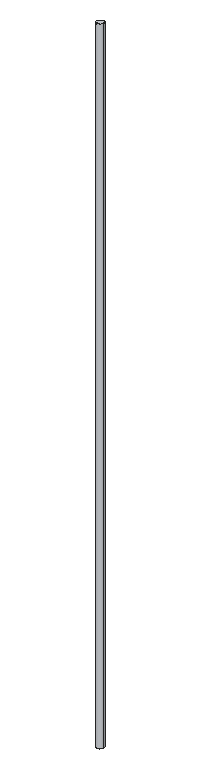
Revit family "0066757 Sylvania Lighting Fixture Skyline Street XL 17-30klm NW NR17 I 9022", category Lighting Fixtures, host Face, Revit 2016
Family settings
  Host = Face
  Part Type = Normal
  Round Connector Dimension = Use Diameter
  OmniClass Number = 23.80.70.00
  OmniClass Title = Lighting
  Cut with Voids When Loaded = No
  Light Source = Yes
  Shared = No
  Room Calculation Point = No
Parameters (values of type "0066757 SKS XL 17-30KLM NW NR17 I 9022 ")
  base height = 40 mm
  backplate diameter = 256 mm
  Weight = "n/a"
  Wattage Comments = ""
  Wattage = 9.2903 W
  WarrantyStartDate [instance] = "n/a"
  WarrantyGuarantorParts = "n/a"
  WarrantyDurationUnit = "n/a"
  WarrantyDurationParts = ""
  WarrantyDescription = "http://www.sylvania-lighting.com"
  built-in parameter 1150110 = 1 (stored number, unit not read)
  Voltage = 0 V
  URL = "0.98"
  TypeName = "Skyline Street XL 17-30klm NW NR17 I 9022"
  Type Image = <None>
  Type Comments = "n/a"
  Tube Diameter = 80 mm
  built-in parameter 1114217 = 1 (stored number, unit not read)
  Tilt Angle = 90.00°
  built-in parameter 1150109 = 1 (stored number, unit not read)
  built-in parameter 1150134 = 3
  built-in parameter 1150113 = 1 (stored number, unit not read)
  SerialNumber [instance] = "n/a"
  Photometric Web File = "0066757.ies"
  Material_3_FEILO = none
  PowerFactor = 0
  PowerConsumption = "Lighting"
  NominalLength = 415 mm
  NominalHeight = 0 mm
  NominalDepth = 0 mm
  Name = "Skyline Street XL 17-30klm NW NR17 I 9022"
  ModelReference = Name  # "Skyline Street XL 17-30klm NW NR17 I 9022"
  ModelNumber = "0066757"
  Model = Name  # "Skyline Street XL 17-30klm NW NR17 I 9022"
  Material = "Feilo Sylvania"
  ManufacturerName = "123 lm/W"
  Manufacturer = ""
  LuminousEfficacy = ""
  built-in parameter 1150105 = 109.82 (stored number, unit not read)
  Lumens = 1380 lm
  LuminaireType = "0"
  built-in parameter 1150115 = 1 (stored number, unit not read)
  LightOutputRatio = "LED"
  built-in parameter 1150137 = (empty or 0)
  built-in parameter 1150139 = (empty or 0)
  LampsType = Lamp  # "n/a"
  LampNominalLuminous = "4000 K"
  LampMacAdamStep = "70"
  LampColourTemperature = "LED"
  LampColourRenderingIndex = "16500"
  built-in parameter 1150112 = 1 (stored number, unit not read)
  built-in parameter 1150114 = 1 (stored number, unit not read)
  Lamp = "n/a"
  Keynote = "n/a"
  InstallationDate [instance] = "n/a"
  InputVoltage = "0"
  InputNominalFrequency = "4000"
  built-in parameter 1150132 = (empty or 0)
  built-in parameter 1150102 = (empty or 0)
  built-in parameter 1150107 = 3200 (stored number, unit not read)
  built-in parameter 1150138 = (empty or 0)
  IngressProtection = "IfcLightFixtureType"
  ImpactProtectionIndex = "IfcLightFixtureType"
  built-in parameter 1150106 = 1.0982 (stored number, unit not read)
  IfcExportType = "IfcLightFixtureType"
  IfcExportAs = "Class I"
  Height = 250 mm
  ExpectedLife = 50000
  Emit from Circle Diameter = 609.6 mm
  Emit Shape Visible in Rendering = no
  ElectricShockClassification = "123"
  built-in parameter 1150104 = 13.8 (stored number, unit not read)
  DurationUnit = "hours"
  DocumentationLiterature = "http://www.sylvania-lighting.com/product/en-int/products/0066757"
  DimmingControlOptions = "n/a"
  Material_2_FEILO = none
  Dimming Lamp Color Temperature Shift = <None>
  Diameter = 350 mm
  Description = "The Skyline Street family is dedicated for road lighting applications. Light distribution: NR17 - Narrow Road, color temperature: 4000K , total system power: 244W, total fixture output: 29921lm, luminaire efficacy: 123lm/W, LOR: 100%, colour rendering index: 70, LED Chromaticity: 5 step MacAdam ellipse tolerance, lifetime: 100000 hours at L90B50 @ 50°C, energy class: A++, A+, A, operating voltage: 220-240V / 50-60Hz, electronic driver, Without Controls, power factor: min. 0.9, electrical protection: Class I, Ingress protection rating: IP66, Impact resistance: IK08, dimensions: 915 x 415 x 140mm, weight: 15 kg, for 42-60mm side entry or post top installation with +/-15° adjustability, the housing is made of Die Cast Aluminium in RAL9022 color combined with tempered flat glass cover."
  Default Elevation = 1219.2 mm
  CreatedOn = "02/12/2019"
  CreatedBy = "@sylvania-lighting.com"
  Cost = 0
  Color Filter = 16777215
  built-in parameter 1114216 [instance] = (empty or 0)
  ClassificationValue = "EF_70_80"
  ClassificationName = "Uniclass2015"
  Material_1_FEILO = none
  BarCode [instance] = "n/a"
  built-in parameter 1114218 = 1 (stored number, unit not read)
  built-in parameter 1150133 = 10 (stored number, unit not read)
  AssetType = "Fixed"
  AssetIdentifier [instance] = "n/a"
  Assembly Code = "D5020200"
  Apparent Load = 244 VA
  Material_4_FEILO = none
Reference planes
  plane 1 "Center (Front/Back)": y = 0
  plane 2: z = 0
  plane 3 "Center (Left/Right)": x = 0
  plane 4: z = 0
  plane 5: y = 128
  plane 6: y = -128
  plane 7: y = 175
  plane 8: y = -175
  plane 9: z = 40
Forms (mm)
  Extrusion 1, solid, detail levels coarse
    sketch origin (43.618, 0, 5999.295) x (1, 0, 0) y (0, 0, 1)
      loop
        line (-755, 240.919) -> (-755, 0.868) -> (39.922, 0.868) -> (39.922, 240.919) -> (-755, 240.919)
    from -207.534 to 207.466
  Extrusion 2, solid
    sketch origin (4.2, 0, 0) x (1, 0, 0) y (0, 1, 0)
      loop
        circle (-4.2, 0) r 30
    from 0 to 6000
Dimensions and locks
  "backplate diameter": plane 5 to plane 6
  equal spacing: plane 5, plane 1 "Center (Front/Back)", plane 6
  "Diameter": plane 7 to plane 8
  equal spacing: plane 7, plane 1 "Center (Front/Back)", plane 8
  "base height": plane 9 to level
  aligned and locked: plane 2 to host face
  aligned and locked: level to host face
Automatic sketch dimensions
  host sketch curve to host sketch curve = 2438.4 mm  (x2)
  level to Extrusion 1 sketch curve = 6000.163 mm
  Extrusion 1 sketch curve to plane 3 "Center (Left/Right)" = 711.382 mm
  plane 3 "Center (Left/Right)" to Extrusion 1 sketch curve = 83.54 mm
  plane 9 to Extrusion 1 sketch curve = 6200.213 mm
  plane 1 "Center (Front/Back)" to Extrusion 2 sketch curve = 0 mm
  Extrusion 2 sketch curve to plane 3 "Center (Left/Right)" = 0 mm
  radius of Extrusion 2 sketch curve = 30 mm
Connectors
  electrical at (0, 0, 0), driven by "Apparent Load", driven by "PowerFactor", driven by "Voltage"
    settings: index 1, voltage 0 V, apparent load 244 VA, apparent load phase1 0 VA, apparent load phase2 0 VA, apparent load phase3 0 VA, power factor 0, load classification "Lighting", number of poles 1, system type 30, power factor state 1, is connector primary yes, connector utility no, sub classification motor no, connector description ""
